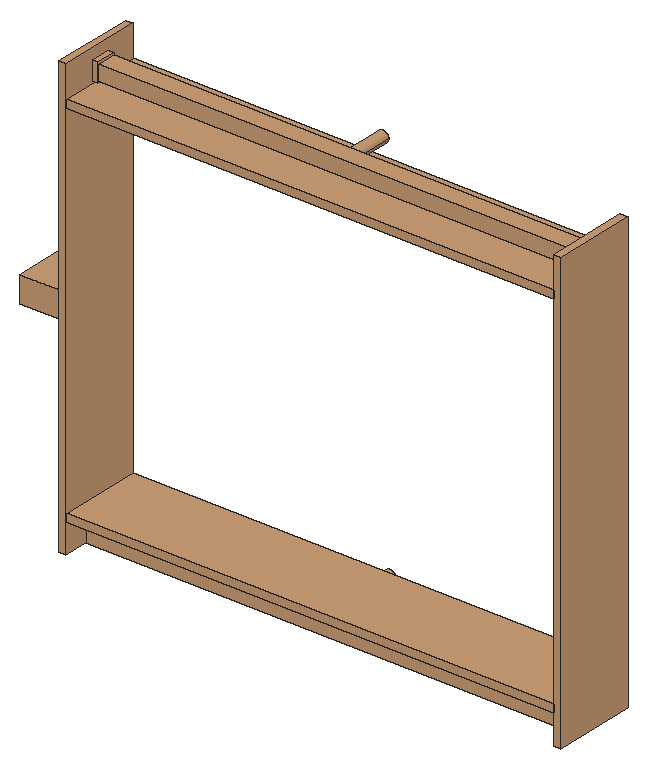
Revit family
Parameters
  Center Of Unit = 0' - 0"  # constant formula
  Water Pressure Drop [instance] = 0.00 psi
  Water Flow [instance] = 0 GPM
  Unit Weight (lbs) = 1590
  URL = "http://www.ljwing.com/"
  Water Outlet Radius = 0' - 1 1/2"
  Water Outlet Odd sizes = 0' - 0"
  Total Heating Capacity [instance] = 0.0 Btu/h
  Temperature Rise [instance] = 0 °F
  Series = "VIFB"
  Outlet Area = 85.80 SF
  Number of Rows = 1  # constant formula
  Number of Coils [instance] = 0
  Nominal Length = 11' - 0 5/8"
  Model = "VF-12"
  Manufacturer = "LJ Wing"
  Leaving Water Temperature [instance] = 0 °F
  Leaving Air Temperature [instance] = 0 °F
  Face Velocity (FPM) [instance] = 0
  Entering Water Temperature [instance] = 0 °F
  Entering Air Temperature [instance] = 0 °F
  Description = "Vertical Integral Face & Bypass Water Heating Coils"
  Hot Water Odd Sizes = 0' - 0"
  Hot Water Inlet Offset = 0' - 4 3/8"  # constant formula
  Hot Water Inlet  Radius = 0' - 1 1/2"
  Coil Face Area = Outlet Area * 0.56  # 48.048 SF
  Casing Material = ""
  Assembly Code = "D3020300"
  Air Pressure Drop [instance] = 0.00 in-wg
  Air Inlet Width = Nominal Length - 0' 4"  # 10' - 8 5/8"
  Air Inlet Height = Y  # 8' - 0"
  Air Flow [instance] = 0 CFM
  Z = 0' - 2 1/8"
  Y = 8' - 0"
  S = 0' - 9 3/4"
  Product URL = "http://www.ljwing.com/html/vifb.asp"
  OmniClass = "23-75 70 21 14"
  Nominal Height = 9' - 8"
  Nominal Depth = 1' - 10"
  R = 0' - 10 1/4"
  Q = 0' - 3 5/16"
  P = 0' - 5 1/8"
  L = 0' - 5 15/16"
Reference planes (in)
  plane 1 "Center (Front/Back)": y = 0
  plane 2: z = -48
  plane 3 "Center (Left/Right)": x = 0
  plane 4: z = 58.25
  plane 5: x = -66.3125
  plane 6: x = 66.3125
  plane 7: z = -57.75
  plane 8: z = 0
  plane 9: y = -11
  plane 10: y = 11
  plane 11: z = 48
  plane 12: z = 50
  plane 13: z = -50
  plane 14: x = 64.3125
  plane 15: x = -64.3125
  plane 16: z = 53.125
  plane 17: z = -51.8125
  plane 18: x = -63
  plane 19: x = 63
  plane 20: y = 13.125
  plane 21: y = 15.375
  plane 22: x = -77.3125
  plane 23: x = 0
  plane 24: x = 0
  plane 25: z = 55.125
  plane 26: z = 51.125
  plane 27: y = -2.5
  plane 28: y = 2.5
  plane 29: y = -4.5
Forms (in)
  Extrusion 1, solid, material "Painted Finish"
    sketch origin (0, 6, -9.75) x (1, 0, 0) y (0, 0, 1)
      loop
        line (-66.3125, -48) -> (-64.3125, -48) -> (-64.3125, 68) -> (-66.3125, 68) -> (-66.3125, -48)
      loop
        line (66.3125, -48) -> (66.3125, 68) -> (64.3125, 68) -> (64.3125, -48) -> (66.3125, -48)
    from -5 to 17
  Extrusion 2, solid, material "Painted Finish"
    sketch origin (0, 6, 0) x (1, 0, 0) y (0, 0, 1)
      loop
        line (64.3125, -48) -> (-64.3125, -48) -> (-64.3125, -50) -> (64.3125, -50) -> (64.3125, -48)
      loop
        line (64.3125, 48) -> (64.3125, 50) -> (-64.3125, 50) -> (-64.3125, 48) -> (64.3125, 48)
    from -5 to 17
  Extrusion 3, solid, material "Painted Finish"
    sketch origin (0, 10, -0.5) x (1, 0, 0) y (0, 0, 1)
      loop
        line (-66.3125, 4) -> (-77.3125, 4) -> (-77.3125, -3) -> (-66.3125, -3) -> (-66.3125, 4)
    from 0 to 20
  Extrusion 4, solid, material "Painted Finish"
    sketch origin (0, 6, 0) x (1, 0, 0) y (0, 0, 1)
      loop
        line (-62.6875, 55.125) -> (-62.6875, 51.125) -> (62.6875, 51.125) -> (62.6875, 55.125) -> (-62.6875, 55.125)
    from 3.5 to 8.5
  Extrusion 5, solid, material "Painted Finish"
    sketch origin (0, 0, 0) x (1, 0, 0) y (0, 0, 1)
      loop
        line (-62.6875, 50.625) -> (-62.6875, 55.625) -> (-64.3125, 55.625) -> (-64.3125, 50.625) -> (-62.6875, 50.625)
      loop
        line (64.3125, 50.625) -> (64.3125, 55.625) -> (62.6875, 55.625) -> (62.6875, 50.625) -> (64.3125, 50.625)
    from -2.5 to 2.5
  Extrusion 6, solid, material "Painted Finish"
    sketch origin (0, 23, 0) x (1, 0, 0) y (0, 0, 1)
      loop
        circle (0, 53.125) r 1.5
    from 9.875 to 20.5
  Extrusion 7, solid, material "Painted Finish"
    sketch origin (0, 6, 0) x (1, 0, 0) y (0, 0, 1)
      loop
        line (-64.3125, -50) -> (-64.3125, -57.75) -> (64.3125, -57.75) -> (64.3125, -50) -> (-64.3125, -50)
    from -5 to 10.5
  Extrusion 8, solid, material "Painted Finish"
    sketch origin (0, 23, 0) x (1, 0, 0) y (0, 0, 1)
      loop
        circle (0, -51.8125) r 1.5
    from 7.625 to 12
  Extrusion 9, void
    sketch origin (0, 0, 0) x (1, 0, 0) y (0, 0, 1)
      loop
        line (-64.3125, 48) -> (-64.3125, -48) -> (64.3125, -48) -> (64.3125, 48) -> (-64.3125, 48)
    from -11 to 11
Cuts and joins
  Extrusion 9 cuts Extrusion 1
  Extrusion 9 cuts Extrusion 2
Dimensions and locks (in)
  "Nominal Length": plane 6 to plane 5
  equal spacing: plane 6, plane 3 "Center (Left/Right)", plane 5
  "S": plane 2 to plane 7
  "Nominal Depth": plane 10 to plane 9
  equal spacing: plane 10, plane 1 "Center (Front/Back)", plane 9
  "Y": plane 11 to plane 2
  "R": plane 4 to plane 11
  locked: plane 12 to plane 11 at 2
  locked: plane 2 to plane 13 at 2
  "P": plane 4 to plane 16
  "L": plane 17 to plane 7
  "Q": plane 18 to plane 5
  "Q": plane 6 to plane 19
  "Z": plane 20 to plane 10
  "Hot Water Inlet Offset": plane 21 to plane 10
  locked: plane 5 to plane 22 at 11
  locked: Extrusion 3 sketch curve to Extrusion 3 sketch curve at 7
  locked: Extrusion 3 to Extrusion 3 at 20
  locked: plane 6 to plane 14 at 2
  locked: plane 15 to plane 5 at 2
  "Water Outlet Odd sizes": plane 23 to plane 3 "Center (Left/Right)"
  "Hot Water Odd Sizes": plane 3 "Center (Left/Right)" to plane 24
  equal spacing: plane 25, plane 16, plane 26
  locked: Extrusion 5 sketch curve to plane 25 at 0.5
  locked: plane 26 to Extrusion 5 sketch curve at 0.5
  locked: Extrusion 6 sketch curve to plane 16 at 0
  locked: Extrusion 6 sketch curve to plane 23 at 0
  locked: Extrusion 8 sketch curve to plane 17 at 0
  locked: Extrusion 8 sketch curve to plane 24 at 0
  locked: plane 25 to plane 26 at 4
  locked: plane 28 to plane 27 at 5
  equal spacing: plane 28, plane 1 "Center (Front/Back)", plane 27
  locked: plane 27 to plane 29 at 2
  plane 4 to plane 7 = 9' - 8"
  locked: Extrusion 5 sketch curve to Extrusion 1 at 1.625
  locked: Extrusion 5 sketch curve to Extrusion 5 sketch curve at 1.625
  locked: Extrusion 9 sketch curve to plane 11 at 0
  locked: Extrusion 9 sketch curve to plane 15 at 0
  locked: Extrusion 9 sketch curve to plane 14 at 0
  locked: Extrusion 9 sketch curve to plane 2 at 0
  equal spacing: plane 11, plane 8, plane 2
  "Water Outlet Radius": radius of Extrusion 6 sketch curve
  "Hot Water Inlet  Radius": radius of Extrusion 8 sketch curve
  aligned and locked: Extrusion 1 to plane 9
  aligned and locked: Extrusion 1 to plane 10
  aligned and locked: Extrusion 1 to plane 15
  aligned and locked: Extrusion 1 to plane 14
  aligned and locked: Extrusion 2 to plane 9
  aligned and locked: plane 9 to Extrusion 1
  aligned and locked: plane 10 to Extrusion 1  (x2)
  aligned and locked: Extrusion 2 to plane 10
  aligned and locked: plane 10 to Extrusion 2  (x2)
  aligned and locked: plane 9 to Extrusion 2  (x2)
  aligned and locked: plane 5 to Extrusion 3
  aligned and locked: Extrusion 5 sketch curve to plane 15
  aligned and locked: Extrusion 5 sketch curve to Extrusion 4
  aligned and locked: Extrusion 6 to plane 20
  aligned and locked: Extrusion 1 to Extrusion 7
  aligned and locked: Extrusion 8 to plane 10
  aligned and locked: plane 21 to Extrusion 8
  aligned and locked: plane 27 to Extrusion 5
  aligned and locked: Extrusion 5 to Extrusion 4  (x2)
  aligned and locked: Extrusion 5 to plane 28
  aligned and locked: Extrusion 6 to Extrusion 4
  aligned and locked: Extrusion 7 to plane 29  (x2)
  aligned and locked: Extrusion 8 to Extrusion 7
  aligned and locked: Extrusion 4 to Extrusion 5  (x2)
  aligned and locked: Extrusion 5 to Extrusion 1  (x2)
  aligned and locked: plane 2 to Extrusion 2
  aligned and locked: Extrusion 1 sketch curve to plane 6
  aligned and locked: Extrusion 1 sketch curve to plane 14
  aligned and locked: Extrusion 1 sketch curve to plane 15
  aligned and locked: Extrusion 1 sketch curve to plane 5
  aligned and locked: plane 7 to Extrusion 1 sketch curve
  aligned and locked: Extrusion 1 sketch curve to plane 7
  aligned and locked: Extrusion 1 sketch curve to plane 4
  aligned and locked: plane 4 to Extrusion 1 sketch curve
  aligned and locked: Extrusion 2 sketch curve to plane 11
  aligned and locked: Extrusion 2 sketch curve to plane 12
  aligned and locked: Extrusion 2 sketch curve to plane 14
  aligned and locked: Extrusion 2 sketch curve to plane 15
  aligned and locked: Extrusion 2 sketch curve to plane 13
  aligned and locked: plane 2 to Extrusion 2 sketch curve
  aligned and locked: plane 14 to Extrusion 2 sketch curve
  aligned and locked: plane 15 to Extrusion 2 sketch curve
  aligned and locked: Extrusion 7 sketch curve to plane 13
  aligned and locked: Extrusion 7 sketch curve to plane 7
  aligned and locked: plane 14 to Extrusion 7 sketch curve
  aligned and locked: Extrusion 7 sketch curve to plane 15
  aligned and locked: cut or joined group of Extrusion 1, Extrusion 9 to plane 10
  aligned and locked: Extrusion 8 to plane 21
Automatic sketch dimensions
  Extrusion 3 sketch curve to plane 22 = 0' - 0"
  Extrusion 3 sketch curve to plane 5 = 0' - 0"
  plane 8 to Extrusion 3 sketch curve = 0' - 3 1/2"
  Extrusion 4 sketch curve to plane 25 = 0' - 0"
  Extrusion 4 sketch curve to plane 26 = 0' - 0"
  plane 18 to Extrusion 4 sketch curve = 0' - 0 5/16"
  Extrusion 4 sketch curve to plane 19 = 0' - 0 5/16"
  plane 26 to Extrusion 5 sketch curve = 0' - 0 1/2"
  Extrusion 5 sketch curve to plane 25 = 0' - 0 1/2"
Connectors (in)
  hvac at (0, -11, 0), driven by "Air Inlet Height", driven by "Air Inlet Width", driven by "Air Flow", driven by "Air Pressure Drop"
    settings: on Extrusion 9, index 1
  hvac at (0, 11, 0), driven by "Air Pressure Drop", driven by "Air Inlet Height", driven by "Air Inlet Width", driven by "Air Flow"
    settings: on Extrusion 9, index 2
  piping at (0, 13.125, 53.125), driven by "Water Flow", driven by "Water Outlet Radius", driven by "Water Pressure Drop"
    settings: on Extrusion 6, index 3
  piping at (0, 15.375, -51.8125), driven by "Water Flow", driven by "Water Pressure Drop", driven by "Hot Water Inlet  Radius"
    settings: on Extrusion 8, index 4
